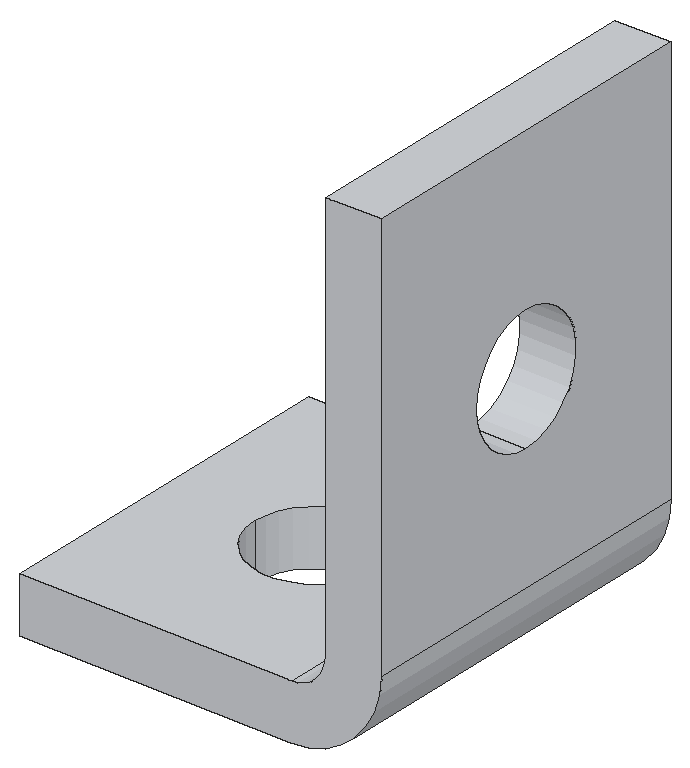
Revit family "Fitting-Ninety_Degree_Angle-Unistrut-P1068", category Specialty Equipment, Revit 2012
Parameters (values of type "P1068")
  ecoScorecard_data = "http://products.ecoscorecard.com/atkore/P1068"
  ecoScorecard Product Page = "http://products.ecoscorecard.com/atkore/P1068?action=html"
  Weight Per Piece = 0.38 lbf
  Unit = Default
  Unistrut Part Number = "P1068"  # constant formula
  URL = "http://unistrut.us/index.php"
  Thickness = 1/4"  # constant formula
  Subcategory = "Nintey Degree Angle Fittings"  # constant formula
  Product Page URL = "http://unistrut.us/index.php?WP=cat_detail&S=S05&P=P1068"
  Power Strut Part Number = "PS 604"  # constant formula
  Part Type = "Fitting"  # constant formula
  Overall Width = 1 5/8"  # constant formula
  Overall Length = 1 5/8"  # constant formula
  Overall Height = 2 1/4"  # constant formula
  Model = "P1068"
  Material = ""
  Manufacturer Phone - Toll Free = "800-882-5543"  # constant formula
  Manufacturer Phone = "708-339-1610"  # constant formula
  Manufacturer Fax = "708-339-7814"  # constant formula
  Manufacturer Email = "mailto:jshaw@atkore.com"
  Manufacturer Address = "16100 South Lathrop Avenue, Harvey, IL 60426"  # constant formula
  Manufacturer = "Unistrut by Atkore International"  # constant formula
  Load Capacity Note = "Visit the product page for load application and capacity."  # constant formula
  Literature URL = "http://unistrut.us/index.php?WP=LItLibrary"
  Hole Diameter = 9/16"  # constant formula
  Default Elevation = 48"
  Cost Info = "mailto:jshaw@atkore.com"
  CAD URL = "http://unistrut.us/index.php?WP=CAD3d"
  Assembly Code = "D5020100"
  95 CSI = "16070"  # constant formula
  04 CSI = "26 05 48"  # constant formula
Reference planes (in)
  plane 1 "Center (Front/Back)": y = 0
  plane 2: z = 0
  plane 3 "Center (Left/Right)": x = 0
  plane 4: x = -1.625
  plane 5: y = 1.625
  plane 6: z = 2.25
  plane 7: x = -0.9375
  plane 8: z = 1.25
Dimensions and locks (in)
  "Overall Width": plane 4 to plane 3 "Center (Left/Right)"
  "Overall Length": plane 5 to plane 1 "Center (Front/Back)"
  "Overall Height": plane 6 to plane 2
  aligned and locked: level to plane 2
  aligned and locked: plane 1 "Center (Front/Back)" to nested 1  (x2)
  aligned and locked: plane 3 "Center (Left/Right)" to nested 1
  aligned and locked: plane 4 to nested 1
  aligned and locked: plane 5 to nested 1
Nested families (in)
  nested 1: "1068" at (0, 0, 0), type "1281"
Definition of nested family "1068"
  Parameters (values of type "1281")
    Unit = Default
    URL = ""
    Thickness = 1/4"
    Overall Width = 1 5/8"
    Overall Length = 1 5/8"
    Overall Height = 2 1/4"
    Manufacturer = ""
    Hole Radius = Hole Diameter / 2  # 9/32"
    Hole Diameter = 9/16"
    Assembly Code = ""
  Reference planes (in)
    plane 1 "Center (Front/Back)": y = 0
    plane 2: z = 0
    plane 3 "Center (Left/Right)": x = 0
    plane 4: z = 2.25
    plane 5: x = -1.625
    plane 6: y = 1.625
    plane 7: x = -0.8125
  Forms (in)
    Extrusion 1, solid
      sketch origin (-1.875, 1.625, 0) x (0, 0, 1) y (-1, 0, 0)
        loop
          line (0.25, -0.25) -> (0, -0.25) -> (0, -1.46823)
          arc (0, -1.46823) -> (0.11914, -1.75586) -> (0.40677, -1.875) r 0.40677
          line (0.40677, -1.875) -> (2.25, -1.875) -> (2.25, -1.625) -> (0.4049, -1.625)
          arc (0.4049, -1.625) -> (0.29537, -1.57963) -> (0.25, -1.4701) r 0.1549
          line (0.25, -1.4701) -> (0.25, -0.25)
      from 0 to 1.625
    Extrusion 2, void
      sketch origin (-1.875, 1.625, 0.4375) x (0, 0, 1) y (0, 1, 0)
        loop
          circle (0.8125, -0.8125) r 0.28125
      from -1.625 to -1.875
    Extrusion 3, void
      sketch origin (-1.875, 1.625, 0) x (1, 0, 0) y (0, 1, 0)
        loop
          circle (0.9375, -0.8125) r 0.28125
      from 0 to 0.25
  Cuts and joins
    Extrusion 2, Extrusion 3 cuts Extrusion 1
  Dimensions and locks (in)
    "Overall Height": plane 4 to plane 2
    "Overall Width": plane 1 "Center (Front/Back)" to plane 6
    "Overall Length": plane 5 to plane 3 "Center (Left/Right)"
    locked: plane 5 to plane 7 at 0.8125
    "Hole Radius": radius of Extrusion 3 sketch curve
    "Hole Radius": radius of Extrusion 2 sketch curve
    aligned and locked: level to plane 2
    aligned and locked: Extrusion 1 to Extrusion 2
    aligned and locked: Extrusion 2 to Extrusion 1
    aligned and locked: plane 5 to cut or joined group of Extrusion 1, Extrusion 2, Extrusion 3
    aligned and locked: plane 4 to cut or joined group of Extrusion 1, Extrusion 2, Extrusion 3
  Automatic sketch dimensions
    Extrusion 1 sketch curve to level = 0"
    Extrusion 1 sketch curve to plane 3 "Center (Left/Right)" = 0"
    Extrusion 1 sketch curve to Extrusion 1 sketch curve = 1/4"
    Extrusion 1 sketch curve to Extrusion 1 sketch curve = 0.1549"
    Extrusion 1 sketch curve to Extrusion 1 sketch curve = 0.00187"
    Extrusion 1 sketch curve to plane 4 = 0"
    Extrusion 1 sketch curve to Extrusion 1 sketch curve = 0.15677"
    plane 5 to Extrusion 1 sketch curve = 0"
    plane 7 to Extrusion 3 sketch curve = 1/8"
    Extrusion 3 sketch curve to plane 1 "Center (Front/Back)" = 13/16"
    Extrusion 2 sketch curve to plane 4 = 1"
    Extrusion 2 sketch curve to plane 1 "Center (Front/Back)" = 13/16"
